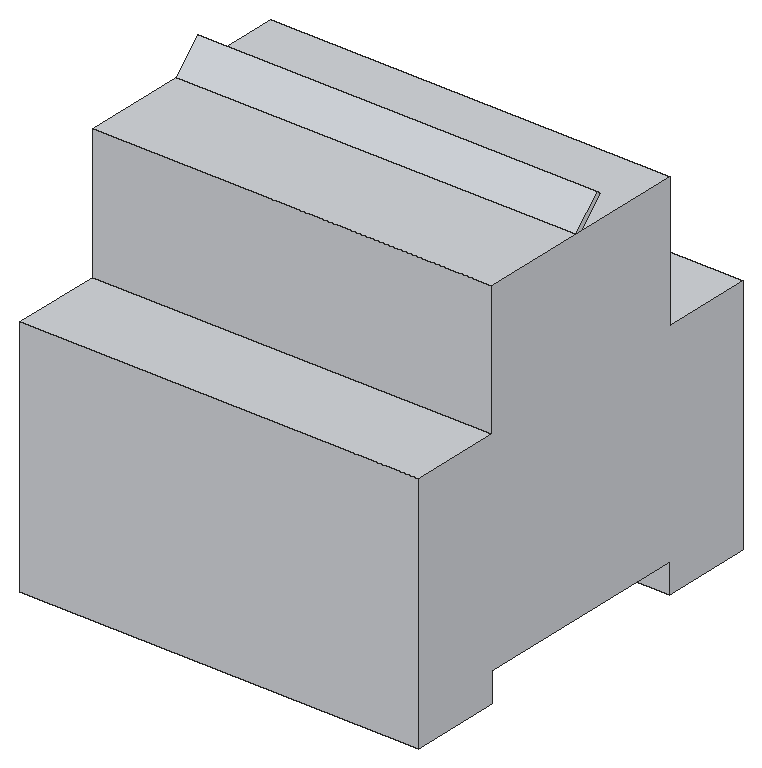
Revit family "Power-ModularDevices-GEWISS-90MCB-MTHP250_3P", category Apparecchi elettrici, host Superficie, Revit 2016 (continued)
Definition of nested family "GENERICO - MTHP160 MAGNETOTEMICI ALTE PRESTAZ 3P"
  Automatic sketch dimensions
    curve 12 to curve 3 = 8.293 mm
    curve 17 to curve 132 = 22.307 mm
    curve 4 to curve 18 = 7.62 mm
    curve 131 to curve 130 = 0.947 mm
    curve 130 to curve 130 = 1.293 mm
    curve 129 to curve 129 = 1.293 mm
    curve 16 to curve 4 = 8.293 mm
    curve 16 to curve 4 = 11.5 mm
    curve 126 to curve 302 = 21.346 mm
    curve 121 to curve 300 = 7.62 mm
    curve 304 to curve 317 = 59.999 mm
    curve 303 to curve 305 = 1.293 mm
    curve 125 to curve 121 = 11.019 mm
    curve 150 to curve 8 = 3.75 mm
    curve 148 to curve 123 = 3.75 mm
    curve 343 to curve 342 = 0.347 mm
    curve 343 to curve 344 = 0.347 mm
    curve 342 to curve 344 = 1.293 mm
    curve 286 to curve 341 = 21.346 mm
    curve 339 to curve 270 = 6.62 mm
    curve 270 to curve 339 = 11.019 mm
    curve 289 to curve 291 = 0.347 mm
    curve 289 to curve 288 = 0.347 mm
    curve 291 to curve 290 = 0.947 mm
    curve 290 to curve 290 = 1.293 mm
    curve 289 to curve 289 = 1.293 mm
    curve 270 to curve 341 = 9.293 mm
    curve 343 to curve 177 = 2.587 mm
    curve 270 to curve 290 = 7.999 mm
    curve 177 to curve 293 = 22.307 mm
    curve 293 to curve 154 = 6.62 mm
    curve 154 to curve 293 = 11.5 mm
    curve 269 to curve 290 = 52.999 mm
    curve 174 to curve 175 = 0.347 mm
    curve 174 to curve 173 = 0.347 mm
    curve 151 to curve 171 = 10.673 mm
    curve 173 to curve 174 = 1.293 mm
    curve 154 to curve 291 = 9.293 mm
    curve 153 to curve 172 = 9.293 mm
    curve 170 to curve 153 = 6.62 mm
    curve 153 to curve 172 = 11.019 mm
    curve 266 to curve 155 = 3.75 mm
    curve 151 to curve 159 = 10.673 mm
    curve 151 to curve 158 = 7.62 mm
    curve 161 to curve 162 = 1.293 mm
    curve 160 to curve 151 = 8.293 mm
    curve 165 to curve 280 = 22.307 mm
    curve 152 to curve 166 = 7.62 mm
    curve 279 to curve 278 = 0.947 mm
    curve 278 to curve 278 = 1.293 mm
    curve 277 to curve 277 = 1.293 mm
    curve 164 to curve 152 = 8.293 mm
    curve 164 to curve 152 = 11.5 mm
    curve 274 to curve 329 = 21.346 mm
    curve 269 to curve 327 = 7.62 mm
    curve 331 to curve 344 = 59.999 mm
    curve 330 to curve 332 = 1.293 mm
    curve 273 to curve 269 = 11.019 mm
    curve 298 to curve 156 = 3.75 mm
    curve 296 to curve 271 = 3.75 mm
Definition of nested family "MANOVRA"
  Reference planes
    plane 1: y = 0
    plane 2: x = 0
  Lines and regions (mm)
    detail lines, not visible
      curve 1: line (0, 0, 0) -> (-0.001, 3.334, 0)
      curve 2: line (0.277, 3.334, 0) -> (-0.278, 3.334, 0)
      curve 3: line (-0.278, 3.334, 0) -> (-0.001, 4.223, 0)
      curve 4: line (-0.001, 4.223, 0) -> (0.277, 3.334, 0)
      curve 5: line (0.277, 3.334, 0) -> (-0.001, 4.223, 0)
      curve 6: line (-0.001, 4.223, 0) -> (-0.278, 3.334, 0)
      curve 7: line (-0.278, 3.334, 0) -> (0.277, 3.334, 0)
      curve 8: line (0.277, 3.334, 0) -> (-0.001, 4.223, 0)
      curve 9: line (-0.001, 4.223, 0) -> (-0.278, 3.334, 0)
      curve 10: line (-0.445, 4.612, 0) -> (0.444, 4.612, 0)
      curve 11: line (0.444, 4.612, 0) -> (0.444, 2.39, 0)
      curve 12: line (0.444, 2.39, 0) -> (-0.445, 2.389, 0)
      curve 13: line (-0.445, 2.389, 0) -> (-0.445, 4.612, 0)
      curve 18: line (5.101, 5.36, 0) -> (5.101, 6.027, 0)
      curve 19: line (4.934, 5.36, 0) -> (5.268, 5.36, 0)
      curve 20: line (4.545, 5.249, 0) -> (5.101, 4.082, 0)
      curve 21: line (5.101, 4.082, 0) -> (5.101, 1.026, 0)
    detail lines
      curve 14: line (0, 4.334, 0) -> (0, 5.001, 0)
      curve 15: line (-0.167, 4.334, 0) -> (0.167, 4.334, 0)
      curve 16: line (-0.556, 4.223, 0) -> (0, 3.056, 0)
      curve 17: line (0, 3.056, 0) -> (0, 0, 0)
  Dimensions and locks
    aligned and locked: plane 1 to curve 17
    aligned and locked: curve 17 to plane 2
Types (7, lengths in mm): name | URL | Technical sheet | Rated current: | Rated current (In) | Produttore | Modello | Immagine tipo | IDT | EAN code | Descrizione
  (no name) | 0 | "" | "" | "" | 0 | 0 | GW93231.jpg | "" | "" | 0
  GW93236 - HIGH PERF. MCB 3P C63 25KA 4.5M | "https://www.gewiss.com/ww/en" | "https://www.gewiss.com/ww/en/search?q=GW93236" | "63A" | "63A" | "GEWISS S.p.A." | "GW93236" | GW93236.jpg | "c60f315d-c6fa-4cd9-a51d-3fcd06983766" | "8011564115736" | "HIGH PERF. MCB 3P C63 25KA 4.5M"
  GW93235 - HIGH PERF. MCB 3P C50 25KA 4.5M | "https://www.gewiss.com/ww/en" | "https://www.gewiss.com/ww/en/search?q=GW93235" | "50A" | "50A" | "GEWISS S.p.A." | "GW93235" | GW93235.jpg | "eb10cd3f-f16d-4bcc-ad08-d47aecba1d5d" | "8011564115729" | "HIGH PERF. MCB 3P C50 25KA 4.5M"
  GW93234 - HIGH PERF. MCB 3P C40 25KA 4.5M | "https://www.gewiss.com/ww/en" | "https://www.gewiss.com/ww/en/search?q=GW93234" | "40A" | "40A" | "GEWISS S.p.A." | "GW93234" | GW93234.jpg | "7e633560-bdb7-4ced-ab89-f84c6dc761c2" | "8011564115712" | "HIGH PERF. MCB 3P C40 25KA 4.5M"
  GW93233 - HIGH PERF. MCB 3P C32 25KA 4.5M | "https://www.gewiss.com/ww/en" | "https://www.gewiss.com/ww/en/search?q=GW93233" | "32A" | "32A" | "GEWISS S.p.A." | "GW93233" | GW93233.jpg | "a766b569-a041-4c02-9edc-157a246bc379" | "8011564115705" | "HIGH PERF. MCB 3P C32 25KA 4.5M"
  GW93232 - HIGH PERF. MCB 3P C25 25KA 4.5M | "https://www.gewiss.com/ww/en" | "https://www.gewiss.com/ww/en/search?q=GW93232" | "25A" | "25A" | "GEWISS S.p.A." | "GW93232" | GW93232.jpg | "dd9c7919-4f0b-457e-af96-5bc92930db53" | "8011564115699" | "HIGH PERF. MCB 3P C25 25KA 4.5M"
  GW93231 - HIGH PERF. MCB 3P C20 25KA 4.5M | "https://www.gewiss.com/ww/en" | "https://www.gewiss.com/ww/en/search?q=GW93231" | "20A" | "20A" | "GEWISS S.p.A." | "GW93231" | GW93231.jpg | "ed0bb0f7-c0e7-466b-83f5-b68fc27420d9" | "8011564115682" | "HIGH PERF. MCB 3P C20 25KA 4.5M"
